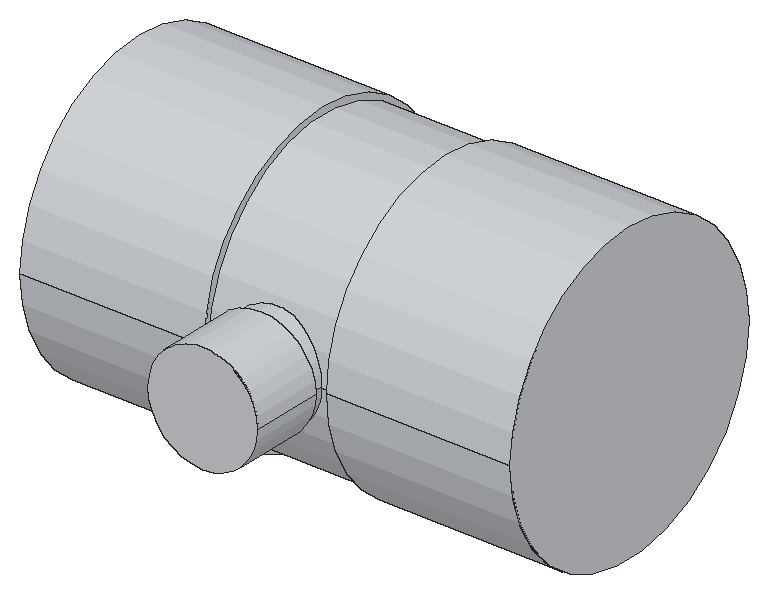
Revit family "Tê de ramificação reduzida - Soldado - CU", category Conexões de tubo, Revit 2019
Family settings
  Cota do conector redondo = Usar raio
  Tipo de parte = Tê
  Com base no plano de trabalho = Não
  Sempre na vertical = Sim
  Corte com vazios quando carregada = Não
  Compartilhado = Não
Parameters (values of type "Padrão")
  Espessura da parede 2 [instance] = size_lookup(Nome da tabela de pesquisa, "WThk", 0.01 * Diâmetro nominal 2 + 0.372 mm, Diâmetro nominal 2)  # 0.55 mm
  Tamanho da marca de cota 2 [instance] = Diâmetro externo da conexão 2 * 0.4  # 6 mm
  Tamanho da marca de cota 1 [instance] = Diâmetro externo da conexão 1 * 0.4  # 16.8 mm
  Largura do soquete 2 [instance] = size_lookup(Nome da tabela de pesquisa, "SWid", 0.47 * Diâmetro nominal 2 + 4.21 mm, Diâmetro nominal 2)  # 10.6 mm
  Raio externo do soquete 2 [instance] = Diâmetro externo do soquete 2 / 2  # 8.05 mm
  Diâmetro externo do soquete 2 [instance] = Diâmetro nominal 2 + 2 * Espessura da parede 2  # 16.1 mm
  Raio nominal 2 [instance] = 7.5 mm
  Diâmetro nominal 2 [instance] = Raio nominal 2 * 2  # 15 mm
  Diâmetro mínimo nominal 12 [instance] = if(Diâmetro nominal 1 > Diâmetro nominal 2, Diâmetro nominal 2, Diâmetro nominal 1)  # 15 mm
  Raio externo máximo do soquete 12 [instance] = if(Raio externo do soquete 1 > Raio externo do soquete 2, Raio externo do soquete 1, Raio externo do soquete 2)  # 21.86 mm
  Diâmetro nominal máximo 12 [instance] = if(Diâmetro nominal 1 > Diâmetro nominal 2, Diâmetro nominal 1, Diâmetro nominal 2)  # 42 mm
  Nome da tabela de pesquisa = "BR_Tee Branch Reduced - Soldered - CU"
  Comprimento 5 [instance] = Comprimento 3 + (Comprimento 1 + Largura do soquete 2) * cos(Ângulo)  # 36 mm
  Comprimento 4 [instance] = (Comprimento 1 + Largura do soquete 2) * sin(Ângulo 1)  # 33.3 mm
  Comprimento 3 [instance] = if((Centro para o trecho da extremidade - Largura do soquete 1) > Comprimento 1 * cos(Ângulo 1) + Raio externo do soquete 2 * sin(Ângulo 1), Centro para o trecho da extremidade, Comprimento 1 * cos(Ângulo 1) + Raio externo do soquete 2 * sin(Ângulo 1) + Largura do soquete 1)  # 36 mm
  Comprimento 2 [instance] = Centro para a ramificação de extremidade - Largura do soquete 1  # 6.3 mm
  Raio externo da conexão 1 [instance] = Diâmetro externo da conexão 1 / 2  # 21 mm
  Raio externo da conexão 2 [instance] = Diâmetro externo da conexão 2 / 2  # 7.5 mm
  Diâmetro externo da conexão 2 [instance] = Diâmetro nominal 2  # 15 mm
  Diâmetro externo da conexão 1 [instance] = Diâmetro nominal 1  # 42 mm
  Comprimento 1 [instance] = if((Centro para a ramificação de extremidade - Largura do soquete 2) * tan(Ângulo 1 / 2) > Raio externo máximo do soquete 12, Centro para a ramificação de extremidade - Largura do soquete 2, Raio externo máximo do soquete 12 / tan(Ângulo 1 / 2))  # 22.7 mm
  Extremidade para o trecho da extremidade [instance] = size_lookup(Nome da tabela de pesquisa, "EtE", 0.72 * Diâmetro nominal máximo 12 + 0.71 * Diâmetro mínimo nominal 12 + 29.400 mm, Diâmetro nominal 1)  # 72 mm
  Centro para o trecho da extremidade [instance] = Extremidade para o trecho da extremidade / 2  # 36 mm
  Raio nominal 1 [instance] = 21 mm
  Diâmetro nominal 1 [instance] = Raio nominal 1 * 2  # 42 mm
  Espessura da parede 1 [instance] = size_lookup(Nome da tabela de pesquisa, "WThk", 0.01 * Diâmetro nominal 1 + 0.372 mm, Diâmetro nominal 1)  # 0.86 mm
  Método de perda = Coeficiente K da tabela
  Tabela de coeficiente K = "Tê"
  Largura do soquete 1 [instance] = size_lookup(Nome da tabela de pesquisa, "SWid", 0.47 * Diâmetro nominal 1 + 4.21 mm, Diâmetro nominal 1)  # 27 mm
  Raio externo do soquete 1 [instance] = Diâmetro externo do soquete 1 / 2  # 21.86 mm
  Diâmetro externo do soquete 1 [instance] = Diâmetro nominal 1 + 2 * Espessura da parede 1  # 43.72 mm
  Centro para a ramificação de extremidade [instance] = size_lookup(Nome da tabela de pesquisa, "CtEB", 0.47 * Diâmetro nominal máximo 12 + 0.41 * Diâmetro mínimo nominal 12 + 10.67 mm, Diâmetro nominal 1)  # 33.3 mm
  Ângulo 1 [instance] = if(Ângulo > 90.00°, 180.00° - Ângulo, Ângulo)  # 90.00°
  Ângulo [instance] = 90.00°
Reference planes
  plane 1 "Centro (frente/trás)": y = 0
  plane 2: z = 0
  plane 3 "Centro (direita/esquerda)": x = 0
  plane 4: x = -36
  plane 5: x = 36
  plane 6 "soquete esquerdo": x = -9
  plane 7 "soquete direito": x = 9
  plane 8: y = -33.3
  plane 9: x = 0
  plane 10: x = -8.2
  plane 11: x = 8.2
  plane 12: y = 16.8
  plane 13: y = -16.8
  plane 14: y = 21.86
  plane 15: y = -21.86
Forms (mm)
  Sweep 1, solid, detail levels fine
    path in 3D
      loop
        line (-36, 0, 0) -> (-9, 0, 0)
    profile origin (-22.5, 0, 0) x (0, 1, 0) y (0, 0, 1)
      loop
        circle (0, 0) r 21.86
  Sweep 2, solid, detail levels fine
    path in 3D
      loop
        line (9, 0, 0) -> (36, 0, 0)
    profile origin (22.5, 0, 0) x (0, 1, 0) y (0, 0, 1)
      loop
        circle (0, 0) r 21.86
  Sweep 3, solid, detail levels fine
    path in 3D
      loop
        line (-9, 0, 0) -> (9, 0, 0)
    profile origin (0, 0, 0) x (0, 1, 0) y (0, 0, 1)
      loop
        circle (0, 0) r 21
  Sweep 4, solid, detail levels fine
    path in 3D
      loop
        line (0, 0, 0) -> (0, -22.7, 0)
    profile origin (0, -11.35, 0) x (1, 0, 0) y (0, 0, 1)
      loop
        circle (0, 0) r 7.5
  Sweep 5, solid, detail levels fine
    path in 3D
      loop
        line (0, -33.3, 0) -> (0, -22.7, 0)
    profile origin (0, -28, 0) x (-1, 0, 0) y (0, 0, 1)
      loop
        circle (0, 0) r 8.05
Cuts and joins
  joined: Sweep 1, Sweep 2, Sweep 3, Sweep 4, Sweep 5
Lines and regions (mm)
  model lines, detail levels coarse+medium
    curve 1: line (-36, 0, 0) -> (-9, 0, 0)
    curve 2: line (9, 0, 0) -> (36, 0, 0)
    curve 5: line (0, 0, 0) -> (0, -22.7, 0)
    curve 6: line (0, -33.3, 0) -> (0, -22.7, 0)
    curve 7: line (-9, 0, 0) -> (9, 0, 0)
    curve 11: line (0, -33.3, 0) -> (6, -33.3, 0)
    curve 12: line (0, -33.3, 0) -> (-6, -33.3, 0)
    curve 13: line (-36, 16.8, 0) -> (-36, -16.8, 0)
    curve 14: line (36, 16.8, 0) -> (36, -16.8, 0)
  sketch lines
    curve 3: line (-36, 0, 0) -> (-9, 0, 0)
    curve 4: line (9, 0, 0) -> (36, 0, 0)
    curve 8: line (-9, 0, 0) -> (9, 0, 0)
    curve 9: line (0, 0, 0) -> (0, -22.7, 0)
    curve 10: line (0, -33.3, 0) -> (0, -22.7, 0)
Dimensions and locks
  "Largura do soquete 1": plane 4 to plane 6 "soquete esquerdo"
  "Comprimento 1": curve 5 to curve 5
  "Comprimento 4": plane 1 "Centro (frente/trás)" to plane 8
  "Comprimento 5": plane 4 to plane 9
  "Largura do soquete 2": curve 6 to curve 6
  equal spacing: plane 10, plane 3 "Centro (direita/esquerda)", plane 11
  "Tamanho da marca de cota 2": curve 11 to curve 11
  "Tamanho da marca de cota 2": curve 12 to curve 12
  "Tamanho da marca de cota 1": plane 12 to plane 1 "Centro (frente/trás)"
  equal spacing: plane 12, plane 1 "Centro (frente/trás)", plane 13
  equal spacing: plane 15, plane 1 "Centro (frente/trás)", plane 14
  "Diâmetro externo do soquete 1": plane 14 to plane 15
  curve 5 to curve 5 = 22.700 mm
  "Comprimento 3": plane 3 "Centro (direita/esquerda)" to plane 5
  "Largura do soquete 1": plane 7 "soquete direito" to plane 5
  equal spacing: plane 4, plane 3 "Centro (direita/esquerda)", plane 5
  "Raio externo do soquete 1": radius of Sweep 1 sketch curve
  "Raio externo do soquete 1": radius of Sweep 2 sketch curve
  "Raio externo da conexão 1": radius of Sweep 3 sketch curve
  "Raio externo da conexão 2": radius of Sweep 4 sketch curve
  "Raio externo do soquete 2": radius of Sweep 5 sketch curve
  "Ângulo": angle curve 5 to plane 1 "Centro (frente/trás)"
  "Ângulo": angle curve 6 to plane 8
  locked: curve 6 to curve 12 (angle 90.00°)
  locked: curve 11 to curve 6 (angle 90.00°)
  aligned and locked: plane 4 to curve 1
  aligned and locked: plane 1 "Centro (frente/trás)" to curve 1
  aligned and locked: plane 5 to curve 2
  aligned and locked: plane 1 "Centro (frente/trás)" to curve 2
  aligned and locked: plane 3 "Centro (direita/esquerda)" to curve 5
  aligned and locked: plane 6 "soquete esquerdo" to curve 7
  aligned and locked: plane 7 "soquete direito" to curve 7
  aligned and locked: plane 1 "Centro (frente/trás)" to curve 7
  aligned and locked: curve 13 to plane 12
  aligned and locked: plane 13 to curve 13
  aligned and locked: curve 13 to plane 4
  aligned and locked: curve 14 to plane 12
  aligned and locked: plane 13 to curve 14
  aligned and locked: plane 5 to curve 14
Automatic sketch dimensions
  Sweep 1 sketch curve to profile plane = 0.000 mm  (x2)
  Sweep 2 sketch curve to profile plane = 0.000 mm  (x2)
  Sweep 3 sketch curve to profile plane = 0.000 mm  (x2)
  Sweep 4 sketch curve to profile plane = 0.000 mm  (x2)
  Sweep 5 sketch curve to profile plane = 0.000 mm
  profile plane to Sweep 5 sketch curve = 0.000 mm
Connectors
  piping at (-36, 0, 0), diameter 42, driven by "Raio nominal 1"
    settings: on cut or joined group of Sweep 1, Sweep 2, Sweep 3, Sweep 4, Sweep 5, index 1, connector inside diameter 42 mm, connector length 0.000 mm, flow factor 0, pipe flow 0.0 L/s, pressure drop 0.0 Pa, fitting loss kfactor 0, connector angle 0.00°, fixture units 0, engagement length 0.000 mm, angle of deflection 0.00°, flow configuration 0, flow direction 0, fitting loss method 0, system type 28, joint type 0, gender type 0, connector reference index 2, connector utility 0, adjustable connector no, is connector primary yes, connector description ""
  piping at (36, 0, 0), diameter 42, driven by "Raio nominal 1"
    settings: on cut or joined group of Sweep 1, Sweep 2, Sweep 3, Sweep 4, Sweep 5, index 2, connector inside diameter 42 mm, connector length 0.000 mm, flow factor 0, pipe flow 0.0 L/s, pressure drop 0.0 Pa, fitting loss kfactor 0, connector angle 0.00°, fixture units 0, engagement length 0.000 mm, angle of deflection 0.00°, flow configuration 0, flow direction 0, fitting loss method 0, system type 28, joint type 0, gender type 0, connector reference index 1, connector utility 0, adjustable connector no, is connector primary no, connector description ""
  piping at (0, -33.3, 0), diameter 15, driven by "Raio nominal 2", driven by "Ângulo"
    settings: on Sweep 5, index 3, connector inside diameter 15 mm, connector length 0.000 mm, flow factor 0, pipe flow 0.0 L/s, pressure drop 0.0 Pa, fitting loss kfactor 0, connector angle 90.00°, fixture units 0, engagement length 0.000 mm, angle of deflection 0.00°, flow configuration 0, flow direction 0, fitting loss method 0, system type 28, joint type 0, gender type 0, connector reference index -1, connector utility 0, adjustable connector no, is connector primary no, connector description ""
